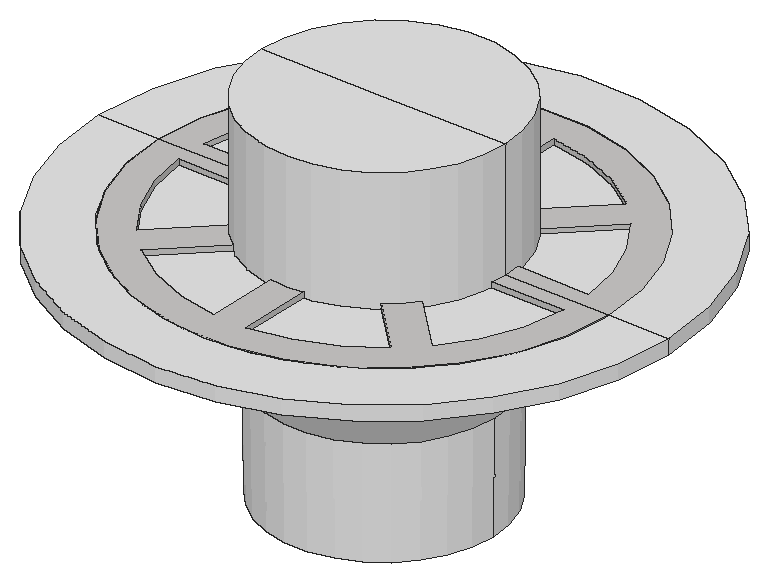
Revit family "Viking Roofspec Drain 02 M02", category Pipe Fittings, host Face, Revit 2021
Family settings
  Host = Face
  Round Connector Dimension = Use Diameter
  Part Type = Cap
  Cut with Voids When Loaded = No
  Shared = No
Parameters (values of type "Drains - All Through Balcony Drain - 100mm")
  URL = "www.vikingroofspec.co.nz"
  Type Comments = "Viking Roofspec 100mmØ ALLThrough balcony drain SDM058 installed as per manufacturers instructions."
  Pipe Diameter = 100 mm
  Overall Cut Height = 6.7 mm
  Overall Cut Diameter = 265.4 mm
  Model = "SDM058"
  Material = Viking Roofspec - Plastic White
  Manufacturer = "Viking Roofspec"  # constant formula
  Height = 54.404 mm
  Grate Material = Viking Roofspec - Stainless Steel
  Flow Out = 5.09 L/s
  Default Elevation = 0 mm
  Cut Height = 111.4 mm
  Cut Diameter = 220 mm
  Component = SDM058 : SDM058
Reference planes
  plane 1 "Center (Front/Back)": y = 0
  plane 2: z = 0
  plane 3 "Center (Left/Right)": x = 0
  plane 4 "Pipe Connector": z = -111.4
  plane 5 "Pipe Top Connector": z = 54.404
  plane 6: z = -6.7
Forms (mm)
  Extrusion 1, void
    sketch origin (0, 0, 0) x (1, 0, 0) y (0, 1, 0)
      loop
        circle (0, 0) r 110
    from 0 to -111.4
  Extrusion 2, void
    sketch origin (0, 0, 0) x (1, 0, 0) y (0, 1, 0)
      loop
        circle (0, 0) r 132.7
    from -6.7 to 0
Dimensions and locks
  "Cut Height": host face to plane 4 "Pipe Connector"
  "Overall Cut Height": level to plane 6
  "Height": plane 5 "Pipe Top Connector" to host face
  "Cut Diameter": diameter of Extrusion 1 sketch curve
  "Overall Cut Diameter": diameter of Extrusion 2 sketch curve
  aligned and locked: plane 2 to host face
  aligned and locked: level to host face
  aligned and locked: plane 4 "Pipe Connector" to Extrusion 1
  aligned and locked: Extrusion 2 to plane 6
Automatic sketch dimensions
  host sketch curve to host sketch curve = 2438.4 mm  (x2)
  plane 1 "Center (Front/Back)" to Extrusion 1 sketch curve = 0 mm
  Extrusion 1 sketch curve to plane 3 "Center (Left/Right)" = 0 mm
  plane 1 "Center (Front/Back)" to Extrusion 2 sketch curve = 0 mm
  Extrusion 2 sketch curve to plane 3 "Center (Left/Right)" = 0 mm
Nested families
  nested 1: "SDM058" at (0, 0, 0), type <- "Component", Grate Material <- "Grate Material", Material <- "Material", type "SDM058"
Connectors
  piping at (0, 0, -111.4), diameter 100, driven by "Pipe Diameter", driven by "Flow Out"
    settings: index 3, connector inside diameter 609.6 mm, connector length 0 mm, flow factor 0, pipe flow 5.09 L/s, pressure drop 0.0 Pa, fitting loss kfactor 0, connector angle 0.00°, fixture units 0, engagement length 0 mm, angle of deflection 0.00°, flow configuration 1, flow direction 2, fitting loss method 4, system type 16, joint type 0, gender type 0, connector reference index 4, connector utility 0, adjustable connector no, is connector primary yes, connector description "Downpipe Out"
  piping at (0, 0, 54.404), diameter 100, driven by "Pipe Diameter", driven by "Flow Out"
    settings: index 4, connector inside diameter 609.6 mm, connector length 0 mm, flow factor 0, pipe flow 5.09 L/s, pressure drop 0.0 Pa, fitting loss kfactor 0, connector angle 0.00°, fixture units 0, engagement length 0 mm, angle of deflection 0.00°, flow configuration 1, flow direction 1, fitting loss method 4, system type 16, joint type 0, gender type 0, connector reference index 3, connector utility 0, adjustable connector no, is connector primary no, connector description "Downpipe In"
Definition of nested family "SDM058"
  Parameters (values of type "SDM058")
    Material [instance] = none
    Grate Material [instance] = none
    Default Elevation = 1219.2 mm
  Reference planes
    plane 1 "Center (Front/Back)": y = 0
    plane 2: z = 0
    plane 3 "Center (Left/Right)": x = 0
  Forms (mm)
    Revolve 1, solid, material <- "Material"
      sketch origin (0, 0, 0) x (1, 0, 0) y (0, 0, 1)
        loop
          line (132.714, 0) -> (105.026, 0) -> (102.616, -2.41) -> (0, -2.41) -> (0, -111.414) -> (51.034, -111.414) -> (51.83, -61.419) -> (106.754, -6.684) -> (132.714, -6.684) -> (132.714, 0)
        axis (0, 0) -> (0, -111.414)
      angle from 0 to 360
    Revolve 2, solid, material <- "Grate Material"
      sketch origin (0, 0, 2.384) x (1, 0, 0) y (0, 0, 1)
        loop
          line (102.616, -4.793) -> (105.026, -2.384) -> (56.709, -2.384) -> (56.709, -4.793) -> (102.616, -4.793)
        axis (0, -2.384) -> (0, -4.793)
      angle from 0 to 360
    Revolve 3, solid, material <- "Material"
      sketch origin (0, 0, 0) x (1, 0, 0) y (0, 0, 1)
        loop
          line (56.709, 54.404) -> (0, 54.404) -> (0, -2.41) -> (56.709, -2.41) -> (56.709, 54.404)
        axis (0, 54.404) -> (0, -2.41)
      angle from 0 to 360
    Extrusion 4, void
      sketch origin (300, 0, 0) x (1, 0, 0) y (0, 1, 0)
        loop
          line (-281.893, -7.5) -> (-231.291, -58.103)
          arc (-231.291, -58.103) -> (-216.867, -34.435) -> (-210.33, -7.5) r 89.983
          line (-210.33, -7.5) -> (-281.893, -7.5)
        loop
          line (-281.893, 7.5) -> (-210.33, 7.5)
          arc (-210.33, 7.5) -> (-216.867, 34.435) -> (-231.291, 58.103) r 89.983
          line (-231.291, 58.103) -> (-281.893, 7.5)
        loop
          line (-292.5, 18.107) -> (-241.897, 68.709)
          arc (-241.897, 68.709) -> (-265.565, 83.133) -> (-292.5, 89.67) r 89.983
          line (-292.5, 89.67) -> (-292.5, 18.107)
        loop
          arc (-307.5, 89.67) -> (-334.435, 83.133) -> (-358.103, 68.709) r 89.983
          line (-358.103, 68.709) -> (-307.5, 18.107) -> (-307.5, 89.67)
        loop
          line (-318.107, 7.5) -> (-368.709, 58.103)
          arc (-368.709, 58.103) -> (-383.133, 34.435) -> (-389.67, 7.5) r 89.983
          line (-389.67, 7.5) -> (-318.107, 7.5)
        loop
          line (-318.107, -7.5) -> (-389.67, -7.5)
          arc (-389.67, -7.5) -> (-383.133, -34.435) -> (-368.709, -58.103) r 89.983
          line (-368.709, -58.103) -> (-318.107, -7.5)
        loop
          line (-307.5, -18.107) -> (-358.103, -68.709)
          arc (-358.103, -68.709) -> (-334.435, -83.133) -> (-307.5, -89.67) r 89.983
          line (-307.5, -89.67) -> (-307.5, -18.107)
        loop
          line (-292.5, -18.107) -> (-292.5, -89.67)
          arc (-292.5, -89.67) -> (-265.565, -83.133) -> (-241.897, -68.709) r 89.983
          line (-241.897, -68.709) -> (-292.5, -18.107)
      from -16.9 to 82.026
  Cuts and joins
    Extrusion 4 cuts Revolve 2
  Dimensions and locks
    aligned and locked: level to plane 2
